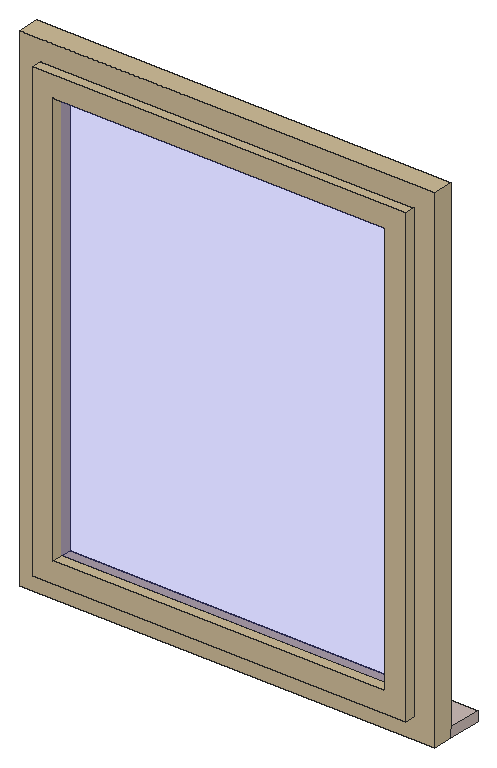
Revit family
Parameters (values of type "1000/1200")
  Operation = "SinglePanel"
  Keynote = "L10/210"
  Height = 120 cm
  Default Sill Height = 80 cm
  Wall Closure = (empty or 0)
  Width = 100 cm
Types (4, lengths in cm): name | Width
  (no name) | 100
  800/1200 | 100
  1000/1200 | 100
  1200/1200 | 120
Reference planes (cm)
  plane 1: y = 0.0519
  plane 2 "Center": x = 0
  plane 3 "Left": x = -50
  plane 4 "Right": x = 50
  plane 5 "Sill": z = 80
  plane 6 "Head": z = 200
  plane 7: y = 2.5519
  plane 8: y = -4.9481
  plane 9: y = -2.4481
  plane 10: z = 190
  plane 11: z = 195
  plane 12: z = 90
  plane 13: z = 85
  plane 14: x = -45
  plane 15: x = -40
  plane 16: x = 40
  plane 17: x = 45
  plane 18: z = 82.5
  plane 19: z = 140
  plane 20: z = 177.5
Forms (cm)
  Extrusion 1, solid, material "Default Frame"
    sketch origin (0, 0, 0) x (0, 0, -1) y (1, 0, 0)
      loop
        line (-200, -50) -> (-80, -50) -> (-80, 50) -> (-200, 50) -> (-200, -50)
      loop
        line (-195, -45) -> (-85, -45) -> (-85, 45) -> (-195, 45) -> (-195, -45)
    from -2.5519 to 2.4481
  Extrusion 2, solid, material "Default Frame"
    sketch origin (0, 0, 0) x (0, 0, -1) y (1, 0, 0)
      loop
        line (-195, -45) -> (-85, -45) -> (-85, 45) -> (-195, 45) -> (-195, -45)
      loop
        line (-190, -40) -> (-90, -40) -> (-90, 40) -> (-190, 40) -> (-190, -40)
    from 0 to 4.9481
  Extrusion 3, solid, material "Glass"
    sketch origin (0, 0, 0) x (0, 0, -1) y (1, 0, 0)
      loop
        line (-190, -40) -> (-90, -40) -> (-90, 40) -> (-190, 40) -> (-190, -40)
    from 2.4481 to 2.5481
  Extrusion 4, solid, material "Default Sill", detail levels fine
    sketch origin (0, 0.0519, 0) x (0, 0, -1) y (1, 0, 0)
      loop
        line (-82.5, 50) -> (-82.5, -50) -> (-80, -50) -> (-80, 50) -> (-82.5, 50)
    from -10.4481 to -2.5
Lines and regions (cm)
  Opening 1
    outline origin (350, -7.5, 0) x (1, 0, 0) y (0, 0, 1)
      loop
        line (-300, 80) -> (-300, 200) -> (-400, 200) -> (-400, 80) -> (-300, 80)
  symbolic lines, style "Elevation Swing"
    curve 1: line (45, 0, 85) -> (0, 0, 177.5)
    curve 2: line (0, 0, 177.5) -> (-45, 0, 85)
    curve 3: line (0, 0, 177.5) -> (0, 0, 195)
Text (cm)
  text "EXTERIOR" at (-325.9869, 133.2353, 0), in view "Ref. Level"
  text "INTERIOR" at (-325.9869, -81.8386, 0), in view "Ref. Level"
  text "Exterior" at (0, 92.3751, 416.4757), in view "Right"
  text "Exterior" at (0, 211.3942, 406.8519), in view "Left"
Dimensions and locks (cm)
  equal spacing: plane 3 "Left", plane 2 "Center", plane 4 "Right"
  "Width": plane 3 "Left" to plane 4 "Right"
  "Height": plane 5 "Sill" to plane 6 "Head"
  "Default Sill Height": plane 5 "Sill" to level
  plane 8 to plane 9 to plane 1 to plane 7 = 2.5 cm locked, 2.5 cm locked, 2.5 cm locked
  plane 3 "Left" to plane 14 to plane 15 = 5 cm locked, 5 cm locked
  plane 16 to plane 17 to plane 4 "Right" = 5 cm locked, 5 cm locked
  plane 12 to plane 13 to plane 5 "Sill" = 5 cm locked, 5 cm locked
  plane 6 "Head" to plane 11 to plane 10 = 5 cm locked, 5 cm locked
  locked: Extrusion 3 to plane 9 at 0.1
  locked: plane 5 "Sill" to plane 18 at 2.5
  locked: Extrusion 4 to host wall at 3
  locked: plane 20 to plane 10 at 12.5
  equal spacing: plane 12, plane 19, plane 10
  aligned and locked: Extrusion 1 to plane 7
  aligned and locked: plane 9 to Extrusion 1
  aligned and locked: plane 8 to Extrusion 2
  aligned and locked: Extrusion 2 to host wall
  aligned and locked: Extrusion 3 to plane 9
  aligned and locked: plane 7 to Extrusion 4
Automatic sketch dimensions
  Opening 1 sketch curve to plane 3 "Left" = 0 cm
  Opening 1 sketch curve to plane 4 "Right" = 0 cm
  Opening 1 sketch curve to plane 5 "Sill" = 0 cm
  Opening 1 sketch curve to plane 6 "Head" = 0 cm
  Extrusion 1 sketch curve to plane 4 "Right" = 0 cm
  Extrusion 1 sketch curve to plane 6 "Head" = 0 cm
  Extrusion 1 sketch curve to plane 11 = 0 cm
  Extrusion 1 sketch curve to plane 13 = 0 cm
  Extrusion 1 sketch curve to plane 5 "Sill" = 0 cm
  Extrusion 1 sketch curve to plane 3 "Left" = 0 cm
  Extrusion 1 sketch curve to plane 14 = 0 cm
  Extrusion 1 sketch curve to plane 17 = 0 cm
  Extrusion 2 sketch curve to plane 11 = 0 cm
  Extrusion 2 sketch curve to plane 10 = 0 cm
  Extrusion 2 sketch curve to plane 12 = 0 cm
  Extrusion 2 sketch curve to plane 13 = 0 cm
  Extrusion 2 sketch curve to plane 14 = 0 cm
  Extrusion 2 sketch curve to plane 15 = 0 cm
  Extrusion 2 sketch curve to plane 16 = 0 cm
  Extrusion 2 sketch curve to plane 17 = 0 cm
  Extrusion 3 sketch curve to plane 10 = 0 cm
  Extrusion 3 sketch curve to plane 12 = 0 cm
  Extrusion 3 sketch curve to plane 15 = 0 cm
  Extrusion 3 sketch curve to plane 16 = 0 cm
  Extrusion 4 sketch curve to plane 3 "Left" = 0 cm
  Extrusion 4 sketch curve to plane 18 = 0 cm
  Extrusion 4 sketch curve to plane 4 "Right" = 0 cm
  Extrusion 4 sketch curve to plane 5 "Sill" = 0 cm
  curve 3 to plane 11 = 0 cm
  curve 2 to plane 2 "Center" = 0 cm
  curve 2 to plane 20 = 0 cm
  curve 2 to plane 13 = 0 cm
  curve 1 to plane 13 = 0 cm
  curve 2 to plane 14 = 0 cm
  curve 1 to plane 17 = 0 cm
